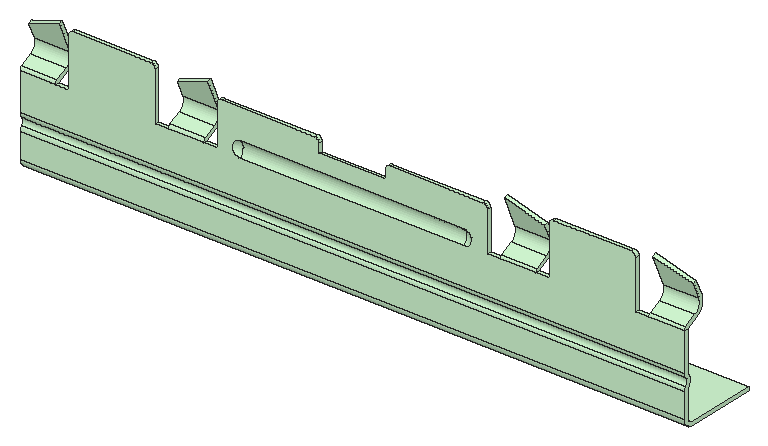
Revit family "20lbar_strightj_el3520", category 機械設備, Revit 2022
Family settings
  丸型コネクタ寸法 = 直径を使用
  種別 = なし
  パーツ タイプ = 標準
  作業面ベース = いいえ
  常に垂直 = はい
  ロード時にボイドで切り取り = いいえ
  注釈の向きを維持 = いいえ
  共有 = いいえ
  部屋計算ポイント = いいえ
Parameters
  製造元 = "株式会社桐井製作所"
  既定の高さ = 0 mm
  URL = "https://www.kirii.co.jp/"
  K_材質 = "溶融亜鉛めっき鋼板及び鋼帯 SGCC 一般用"
  K_品名 = "20LバーストレートJ-eL3520(ツメ)"
  K_名称 = "Lバージョイント"
  K_入数 = "500"
  K_備考 = "対象Lバー:eL3520(20面)"
  K_バージョン情報 = "20220915"
  K_めっき付着量 = "Z12"
  K_JIS規格 = "JIS G 3302"
Reference planes
  plane 1 "中心(正面/背面)": y = 0
  plane 2: z = 0
  plane 3 "中心(左/右)": x = 0
Forms (mm)
  Extrusion 1, solid
    sketch origin (0, 0, 0) x (0, 1, 0) y (0, 0, 1)
      loop
        line (0.8, 32) -> (0, 32) -> (0, 11.359)
        arc (0, 11.359) -> (0.076, 10.853) -> (0.286, 10.387) r 1.86
        arc (0.286, 10.387) -> (0.7, 9.5) -> (0.286, 8.613) r 1.157
        arc (0.286, 8.613) -> (0.076, 8.147) -> (0, 7.641) r 1.86
        line (0, 7.641) -> (0, 2)
        arc (0, 2) -> (0.586, 0.586) -> (2, 0) r 2
        line (2, 0) -> (18, 0) -> (18, 0.8) -> (2, 0.8)
        arc (2, 0.8) -> (1.151, 1.151) -> (0.8, 2) r 1.2
        line (0.8, 2) -> (0.8, 8)
        arc (0.8, 8) -> (1.5, 9.5) -> (0.8, 11) r 1.957
        line (0.8, 11) -> (0.8, 32)
    from -75 to 75
  Extrusion 2, void
    sketch origin (0, 0, 0) x (1, 0, 0) y (0, 0, 1)
      loop
        arc (-64, 31) -> (-63.707, 31.707) -> (-63, 32) r 1
        line (-63, 32) -> (-75, 32) -> (-75, 20) -> (-64, 20) -> (-64, 31)
      loop
        line (-44.5, 31) -> (-44.5, 20) -> (-30.5, 20) -> (-30.5, 29)
        arc (-30.5, 29) -> (-30.207, 29.707) -> (-29.5, 30) r 1
        line (-29.5, 30) -> (-8.5, 30)
        arc (-8.5, 30) -> (-7.793, 29.707) -> (-7.5, 29) r 1
        line (-7.5, 29) -> (-7.5, 27) -> (7.5, 27) -> (7.5, 29)
        arc (7.5, 29) -> (7.793, 29.707) -> (8.5, 30) r 1
        line (8.5, 30) -> (29.5, 30)
        arc (29.5, 30) -> (30.207, 29.707) -> (30.5, 29) r 1
        line (30.5, 29) -> (30.5, 20) -> (44.5, 20) -> (44.5, 31)
        arc (44.5, 31) -> (44.793, 31.707) -> (45.5, 32) r 1
        line (45.5, 32) -> (-45.5, 32)
        arc (-45.5, 32) -> (-44.793, 31.707) -> (-44.5, 31) r 1
      loop
        line (64, 31) -> (64, 20) -> (75, 20) -> (75, 32) -> (63, 32)
        arc (63, 32) -> (63.707, 31.707) -> (64, 31) r 1
    from -0.8 to 0
  Extrusion 3, solid
    sketch origin (0, 0, 0.6) x (0, 1, 0) y (0, 0, 1)
      loop
        line (1.852, 31.49) -> (1.114, 31.18) -> (4.028, 24.253)
        arc (4.028, 24.253) -> (4.069, 22.651) -> (3.012, 21.446) r 2.2
        line (3.012, 21.446) -> (0.432, 20.11)
        arc (0.432, 20.11) -> (0.143, 19.8) -> (0.002, 19.4) r 1.035
        line (0.002, 19.4) -> (0.8, 19.4) -> (3.38, 20.736)
        arc (3.38, 20.736) -> (4.821, 22.379) -> (4.765, 24.563) r 3
        line (4.765, 24.563) -> (1.852, 31.49)
    from -75 to -67
  Extrusion 4, void
    sketch origin (0, 14.073, 3.685) x (1, 0, 0) y (0, 0.38773, -0.921773)
      loop
        line (-75, -30.922) -> (-67.031, -30.922) -> (-75, -27.281) -> (-75, -30.922)
    from -1.052 to -0.252
  Extrusion 5, solid
    sketch origin (33.5, 0, 0.6) x (0, 1, 0) y (0, 0, 1)
      loop
        line (1.852, 31.49) -> (1.114, 31.18) -> (4.028, 24.253)
        arc (4.028, 24.253) -> (4.069, 22.651) -> (3.012, 21.446) r 2.2
        line (3.012, 21.446) -> (0.432, 20.11)
        arc (0.432, 20.11) -> (0.143, 19.8) -> (0.002, 19.4) r 1.035
        line (0.002, 19.4) -> (0.8, 19.4) -> (3.38, 20.736)
        arc (3.38, 20.736) -> (4.821, 22.379) -> (4.765, 24.563) r 3
        line (4.765, 24.563) -> (1.852, 31.49)
    from -75 to -67
  Extrusion 6, void
    sketch origin (33.5, 14.073, 3.685) x (1, 0, 0) y (0, 0.38773, -0.921773)
      loop
        line (-75, -30.922) -> (-67.031, -30.922) -> (-75, -27.281) -> (-75, -30.922)
    from -1.052 to -0.252
  Extrusion 7, solid
    sketch origin (108.5, 0, 0.6) x (0, 1, 0) y (0, 0, 1)
      loop
        line (1.852, 31.49) -> (1.114, 31.18) -> (4.028, 24.253)
        arc (4.028, 24.253) -> (4.069, 22.651) -> (3.012, 21.446) r 2.2
        line (3.012, 21.446) -> (0.432, 20.11)
        arc (0.432, 20.11) -> (0.143, 19.8) -> (0.002, 19.4) r 1.035
        line (0.002, 19.4) -> (0.8, 19.4) -> (3.38, 20.736)
        arc (3.38, 20.736) -> (4.821, 22.379) -> (4.765, 24.563) r 3
        line (4.765, 24.563) -> (1.852, 31.49)
    from -75 to -67
  Extrusion 8, void
    sketch origin (-33.5, 14.073, 3.685) x (-1, 0, 0) y (0, -0.38773, 0.921773)
      loop
        line (-75, 30.922) -> (-75, 27.281) -> (-67.031, 30.922) -> (-75, 30.922)
    from -1.052 to -0.252
  Extrusion 9, solid
    sketch origin (142, 0, 0.6) x (0, 1, 0) y (0, 0, 1)
      loop
        line (1.852, 31.49) -> (1.114, 31.18) -> (4.028, 24.253)
        arc (4.028, 24.253) -> (4.069, 22.651) -> (3.012, 21.446) r 2.2
        line (3.012, 21.446) -> (0.432, 20.11)
        arc (0.432, 20.11) -> (0.143, 19.8) -> (0.002, 19.4) r 1.035
        line (0.002, 19.4) -> (0.8, 19.4) -> (3.38, 20.736)
        arc (3.38, 20.736) -> (4.821, 22.379) -> (4.765, 24.563) r 3
        line (4.765, 24.563) -> (1.852, 31.49)
    from -75 to -67
  Extrusion 10, void
    sketch origin (0, 14.073, 3.685) x (-1, 0, 0) y (0, -0.38773, 0.921773)
      loop
        line (-75, 30.922) -> (-75, 27.281) -> (-67.031, 30.922) -> (-75, 30.922)
    from -1.052 to -0.252
  Extrusion 11, solid
    sketch origin (-0.031, 0.8, 0.643) x (0, -1, 0) y (0, 0, -1)
      loop
        line (0, -22.5) -> (0, -19)
        arc (0, -19) -> (-0.8, -20.75) -> (0, -22.5) r 2.314
    from -25.25 to 25.25
  Revolve 12, solid
    sketch origin (-25.281, 0.8, 0.643) x (0, -1, 0) y (0, 0, -1)
      loop
        line (0, -20.75) -> (0, -19)
        arc (0, -19) -> (-0.591, -19.788) -> (-0.8, -20.75) r 2.314
        line (-0.8, -20.75) -> (0, -20.75)
      axis (0, -20.75) -> (-1, -20.75)
    angle from 0 to 360
  Revolve 13, solid
    sketch origin (25.219, 0.8, 0.643) x (0, -1, 0) y (0, 0, -1)
      loop
        line (0, -20.75) -> (0, -19)
        arc (0, -19) -> (-0.591, -19.788) -> (-0.8, -20.75) r 2.314
        line (-0.8, -20.75) -> (0, -20.75)
      axis (0, -20.75) -> (-1, -20.75)
    angle from 0 to 360
  Extrusion 14, solid
    sketch origin (-0.031, 0.8, 0.643) x (0, -1, 0) y (0, 0, -1)
      loop
        line (0, -22.5) -> (0, -19)
        arc (0, -19) -> (-0.8, -20.75) -> (0, -22.5) r 2.314
    from -25.25 to 25.25
  Revolve 15, solid
    sketch origin (-25.281, 0.8, 0.643) x (0, -1, 0) y (0, 0, -1)
      loop
        line (0, -20.75) -> (0, -19)
        arc (0, -19) -> (-0.591, -19.788) -> (-0.8, -20.75) r 2.314
        line (-0.8, -20.75) -> (0, -20.75)
      axis (0, -20.75) -> (-1, -20.75)
    angle from 0 to 360
  Revolve 16, solid
    sketch origin (25.219, 0.8, 0.643) x (0, -1, 0) y (0, 0, -1)
      loop
        line (0, -20.75) -> (0, -19)
        arc (0, -19) -> (-0.591, -19.788) -> (-0.8, -20.75) r 2.314
        line (-0.8, -20.75) -> (0, -20.75)
      axis (0, -20.75) -> (-1, -20.75)
    angle from 0 to 360
  Extrusion 17, void
    sketch origin (-0.031, 0, 0.643) x (0, -1, 0) y (0, 0, -1)
      loop
        line (0, -22.5) -> (0, -19)
        arc (0, -19) -> (-0.8, -20.75) -> (0, -22.5) r 2.314
    from -25.25 to 25.25
  Revolve 18, void
    sketch origin (-25.281, 0, 0.643) x (0, -1, 0) y (0, 0, -1)
      loop
        line (0, -20.75) -> (0, -19)
        arc (0, -19) -> (-0.591, -19.788) -> (-0.8, -20.75) r 2.314
        line (-0.8, -20.75) -> (0, -20.75)
      axis (0, -20.75) -> (-1, -20.75)
    angle from 0 to 360
  Revolve 19, void
    sketch origin (25.219, 0, 0.643) x (0, -1, 0) y (0, 0, -1)
      loop
        line (0, -20.75) -> (0, -19)
        arc (0, -19) -> (-0.591, -19.788) -> (-0.8, -20.75) r 2.314
        line (-0.8, -20.75) -> (0, -20.75)
      axis (0, -20.75) -> (-1, -20.75)
    angle from 0 to 360
  Extrusion 20, void
    sketch origin (0, 0, 0) x (1, 0, 0) y (0, 1, 0)
      loop
        line (-3.5, 18) -> (-3.5, 15.5) -> (3.5, 15.5) -> (3.5, 18) -> (-3.5, 18)
    from 0 to 0.8
Cuts and joins
  Extrusion 2, Extrusion 17, Revolve 18, Revolve 19, Extrusion 20 cuts Extrusion 1
  joined: Extrusion 1, Extrusion 11, Revolve 12, Revolve 13, Extrusion 14, Revolve 15, Revolve 16
  Extrusion 4, Extrusion 6 cuts Extrusion 3
  Extrusion 6 cuts Extrusion 5
  Extrusion 10 cuts Extrusion 9
  Extrusion 8 cuts Extrusion 7
Dimensions and locks
  aligned and locked: level to plane 2
